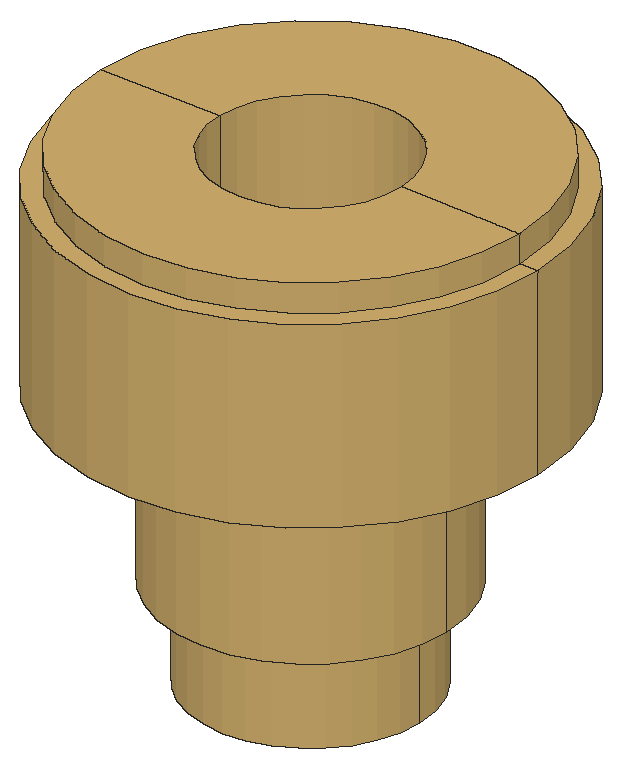
Revit family "Rückflussverhinderer 2621", category Pipe Accessories, Revit 2018
Family settings
  Round Connector Dimension = Use Diameter
  Part Type = Breaks Into
  OmniClass Number = 23.65.55.14
  OmniClass Title = Valves for Liquid Services
  Work Plane-Based = No
  Always vertical = Yes
  Cut with Voids When Loaded = No
  Shared = No
Parameters
  SCTWSEQ = "FW;SBT_TYP_FW=\"108\";2"
  SCTWCODE = "04;14;02"  # constant formula
  SCRNSEQ = "AWI;AWI_TYP=\"1007\";2"
  SCRNCODE = "05;17;02"  # constant formula
  Nennweite IG = 10.000 mm  # constant formula
  Max.Betriebstemperatur = 110 °C  # constant formula
  URL = "www.herz-armaturen.at"
  Nennweite AG [instance] = 15.000 mm
  Max.Betriebsdruck = 1000000.0 Pa  # constant formula
  Manufacturer = "Herz-Armaturen GmbH"  # constant formula
  H04 [instance] = if(Nennweite AG = 10.000 mm, 4.500 mm, if(Nennweite AG = 15.000 mm, 5.000 mm, 0.000 mm))  # 5.000 mm
  H03 = 9.500 mm  # constant formula
  H02 [instance] = if(Nennweite AG = 10.000 mm, 14.000 mm, if(Nennweite AG = 15.000 mm, 10.000 mm, 0.000 mm))  # 10.000 mm
  H01 = 9.500 mm  # constant formula
  H00 [instance] = if(Nennweite AG = 10.000 mm, 29.500 mm, if(Nennweite AG = 15.000 mm, 26.000 mm, 0.000 mm))  # 26.000 mm
  G2 = Nennweite IG / 2  # 5.000 mm
  G1 [instance] = Nennweite AG / 2  # 7.500 mm
  D03 [instance] = if(Nennweite AG = 10.000 mm, 4.000 mm, if(Nennweite AG = 15.000 mm, 6.000 mm, 0.000 mm))  # 6.000 mm
  D02 [instance] = if(Nennweite AG = 10.000 mm, 11.000 mm, if(Nennweite AG = 15.000 mm, 12.500 mm, 0.000 mm))  # 12.500 mm
  D01 [instance] = if(Nennweite AG = 10.000 mm, 10.000 mm, if(Nennweite AG = 15.000 mm, 11.500 mm, 0.000 mm))  # 11.500 mm
  Bestellnummer [instance] = if(Nennweite AG = 10.000 mm, 1262100, if(Nennweite AG = 15.000 mm, 1262101, 0))  # 1262101
Reference planes
  plane 1 "Mitte (Vorne/hinten)": y = 0
  plane 2: z = 0
  plane 3 "Mitte (Links/rechts)": x = 0
Forms (mm)
  Revolve 1, solid, material "Messing", detail levels fine
    sketch origin (0, 0, 0) x (1, 0, 0) y (0, 0, 1)
      loop
        line (-11.5, 21) -> (-11.5, 19.5) -> (-12.5, 19.5) -> (-12.5, 9.5) -> (-7.5, 9.5) -> (-7.5, 0) -> (-6, 0) -> (-6, -5) -> (0, -5) -> (0, 11.5) -> (-5, 11.5) -> (-5, 21) -> (-11.5, 21)
      axis (0, 21) -> (0, -5)
    angle from 0 to 360
Lines and regions (mm)
  model lines, detail levels coarse+medium
    curve 1: line (-12.5, 0, 21) -> (12.5, 0, 21)
    curve 2: line (12.5, 0, 21) -> (-12.5, 0, -5)
    curve 3: line (-12.5, 0, -5) -> (12.5, 0, -5)
    curve 4: circle (-12.5, 0, -4.998) r 5 normal (0, -1, 0)
    curve 5: line (0, -12.5, 21) -> (0, 12.5, 21)
    curve 6: line (0, 12.5, 21) -> (0, -12.5, -5)
    curve 7: line (0, -12.5, -5) -> (0, 12.5, -5)
    curve 8: circle (0, -12.5, -5) r 5 normal (1, 0, 0)
Dimensions and locks
  "H02": Revolve 1 sketch curve to Revolve 1 sketch curve
  "D01": Revolve 1 sketch curve to Revolve 1 sketch curve
  "G1": Revolve 1 sketch curve to Revolve 1 sketch curve
  "H01": Revolve 1 sketch curve to Revolve 1 sketch curve
  "D02": Revolve 1 sketch curve to Revolve 1 sketch curve
  "G2": Revolve 1 sketch curve to Revolve 1 sketch curve
  "H03": Revolve 1 sketch curve to Revolve 1 sketch curve
  "H04": Revolve 1 sketch curve to Revolve 1 sketch curve
  "H00": Revolve 1 sketch curve to Revolve 1 sketch curve
  "D03": Revolve 1 sketch curve to Revolve 1 sketch curve
  "H00": curve 1 to curve 3
  "H04": plane 2 to curve 3
  "D02": curve 2 to plane 3 "Mitte (Links/rechts)" to curve 1
  "D02": curve 3 to plane 3 "Mitte (Links/rechts)" to curve 3
  "H00": curve 7 to curve 5
  "H04": plane 2 to curve 7
  "D02": curve 5 to plane 1 "Mitte (Vorne/hinten)" to curve 6
  "D02": curve 7 to plane 1 "Mitte (Vorne/hinten)" to curve 7
  aligned and locked: level to plane 2
Automatic sketch dimensions
  curve 8 to curve 6 = 0.000 mm  (x2)
  curve 4 to curve 2 = 0.000 mm
  curve 2 to curve 4 = 0.002 mm
  Revolve 1 sketch curve to level = 0.000 mm
  Revolve 1 sketch curve to plane 3 "Mitte (Links/rechts)" = 0.000 mm  (x2)
  Revolve 1 sketch curve to Revolve 1 sketch curve = 1992.000 mm
  Revolve 1 sketch curve to Revolve 1 sketch curve = 1979.000 mm
  radius of curve 8 = 5.000 mm
  radius of curve 4 = 5.000 mm
Connectors
  piping at (0, 0, -5), diameter 15, driven by "Nennweite AG"
    settings: on Revolve 1, index 1, connector inside diameter 609.6 mm, connector length 0.000 mm, flow factor 0, pipe flow 0.0 L/s, pressure drop 0.0 Pa, fitting loss kfactor 0, connector angle 0.00°, fixture units 0, engagement length 0.000 mm, angle of deflection 0.00°, flow configuration 0, flow direction 1, fitting loss method 0, system type 29, joint type 0, gender type 0, connector reference index -1, connector utility 0, adjustable connector no, is connector primary yes, connector description ""
  piping at (0, 0, 11.5), diameter 10, driven by "Nennweite IG"
    settings: on Revolve 1, index 2, connector inside diameter 609.6 mm, connector length 0.000 mm, flow factor 0, pipe flow 0.0 L/s, pressure drop 0.0 Pa, fitting loss kfactor 0, connector angle 0.00°, fixture units 0, engagement length 0.000 mm, angle of deflection 0.00°, flow configuration 0, flow direction 2, fitting loss method 0, system type 29, joint type 0, gender type 0, connector reference index -1, connector utility 0, adjustable connector no, is connector primary no, connector description ""
